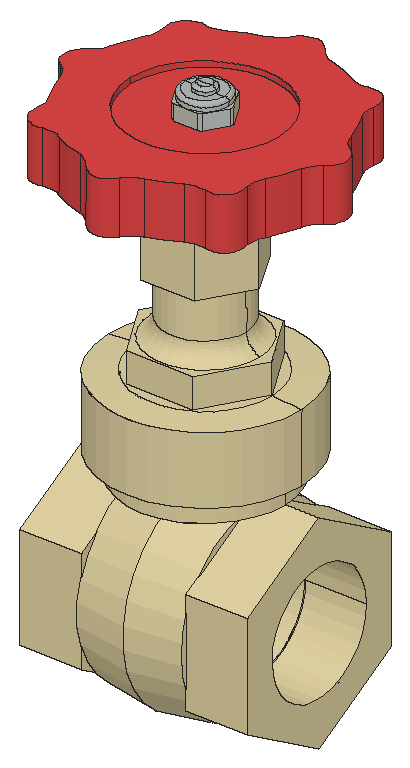
Revit family "AA00100000", category Apparecchi idraulici, Revit 2020
Family settings
  Quota connettore circolare = Usa diametro
  Tipo di parte = Normale
  Numero OmniClass = 23.45.00.00
  Titolo OmniClass = Sanitary, Laundry, and Cleaning Equipment
  Basato su piano di lavoro = No
  Sempre verticale = Sì
  Taglio con vuoti quando caricato = No
  Condiviso = No
  Punto di calcolo locali = No
Parameters
  URL = "https://web.cimberio.it/index.php/figura/623?subcategoria_id=10053"
  Temperatura di esercizio = "-10 ÷ 186°C"
  Prospetto di default = 0 mm
  Produttore = "CIMBERIO SPA"
  Pressione nominale = "PN 25"
  Modello = "Cim 70BS"
  Materiale = "Prodotto in lega di ottone conforme alla norma EN 12165-CW617N-DW"
  Descrizione = "Utilizzato nei più svariati settori dell'impiantistica: impianti di riscaldamento, condizionamento, idrici, igienico-sanitari, reti di distribuzione oli, benzine, vapore saturo e in generale con ogni fluido non corrosivo"
  DN Model [instance] = AA00101032 : AA00101032
  DN [instance] = 32 mm
  Commenti sul tipo = "Realizzato in ottemperanza ai requisiti gestionali della norma EN ISO 9001.\r\nCollaudato al 100% secondo la normativa EN 12266-1"
Reference planes
  plane 1 "Centro (Fronte/Retro)": y = 0
  plane 2: z = 0
  plane 3 "Centro (Sinistra/Destra)": x = 0
Dimensions and locks
  aligned and locked: level to plane 2
Nested families
  nested 1: "AA00101032" at (0, 0, 0), type <- "DN Model", type "AA00101032"
  nested 2: "AA00101032" at (0, 0, 0), type <- "DN Model", type "AA00101032"
  nested 3: "AA00101032" at (0, 0, 0), type <- "DN Model", type "AA00101032"
  nested 4: "AA00101032" at (0, 0, 0), type <- "DN Model", type "AA00101032"
  nested 5: "AA00101032" at (0, 0, 0), type <- "DN Model", type "AA00101032"
  nested 6: "AA00101032" at (0, 0, 0), type <- "DN Model", type "AA00101032"
  nested 7: "AA00101032" at (0, 0, 0), type <- "DN Model", type "AA00101032"
  nested 8: "AA00101032" at (0, 0, 0), type <- "DN Model", type "AA00101032"
  nested 9: "AA00101032" at (0, 0, 0), type <- "DN Model", type "AA00101032"
Connectors
  piping at (30.512, 0, 0), diameter 32, driven by "DN"
    settings: on nested 1, index 1, connector inside diameter 609.6 mm, connector length 0 mm, flow factor 0, pipe flow 0.0 L/s, pressure drop 0.0 Pa, fitting loss kfactor 0, connector angle 0.00°, fixture units 0, engagement length 0 mm, angle of deflection 0.00°, flow configuration 0, flow direction 0, fitting loss method 0, system type 7, joint type 0, gender type 0, connector reference index -1, connector utility 0, adjustable connector no, is connector primary yes, connector description ""
  piping at (-30.512, 0, 0), diameter 32, driven by "DN"
    settings: on nested 1, index 2, connector inside diameter 609.6 mm, connector length 0 mm, flow factor 0, pipe flow 0.0 L/s, pressure drop 0.0 Pa, fitting loss kfactor 0, connector angle 0.00°, fixture units 0, engagement length 0 mm, angle of deflection 0.00°, flow configuration 0, flow direction 0, fitting loss method 0, system type 7, joint type 0, gender type 0, connector reference index -1, connector utility 0, adjustable connector no, is connector primary no, connector description ""
Definition of nested family "AA00101032"
  Parameters (values of type "AA00101032")
    Default Elevation = 0 mm
  Reference planes
    plane 1 "Centro (Fronte/Retro)": y = 0
    plane 2: z = 0
    plane 3 "Centro (Sinistra/Destra)": x = 0
  Forms (mm)
    Revolve 1, solid
      sketch origin (0, 0, 0) x (1, 0, 0) y (0, 0, 1)
        loop
          line (14, -16) -> (-14, -16) -> (-14, -25.542) -> (0, -27.51) -> (14, -25.542) -> (14, -16)
        axis (-14, 0) -> (14, 0)
      angle from 0 to 360
    Extrusion 2, solid
      sketch origin (0, 0, 0) x (0, 1, 0) y (0, 0, 1)
        loop
          circle (0, 0) r 16
        loop
          line (0, 27.7) -> (-23.989, 13.85) -> (-23.989, -13.85) -> (0, -27.7) -> (23.989, -13.85) -> (23.989, 13.85) -> (0, 27.7)
      from -30.512 to -14
    Revolve 3, solid
      sketch origin (0, 0, 33) x (1, 0, 0) y (0, 0, 1)
        loop
          line (-14, -20.283) -> (0, -20.283) -> (0, 19.686) -> (-18.206, 19.686) -> (-26, 19.004) -> (-26, 0.866) -> (-21.5, -0.34) -> (-21.5, -5.3) -> (-14, -5.3) -> (-14, -20.283)
        axis (0, 19.686) -> (0, -20.283)
      angle from 0 to 360
    Extrusion 4, solid
      sketch origin (0, 0, 23.5) x (0, -1, 0) y (1, 0, 0)
        loop
          line (0, 17.75) -> (-15.372, 8.875) -> (-15.372, -8.875) -> (0, -17.75) -> (15.372, -8.875) -> (15.372, 8.875) -> (0, 17.75)
      from 29.186 to 37.225
    Revolve 5, solid
      sketch origin (0, 0, 34) x (1, 0, 0) y (0, 0, 1)
        loop
          line (0, 42.988) -> (-10.95, 42.988) -> (-11, 31.555)
          arc (-11, 31.555) -> (-12.039, 28.516) -> (-14.706, 26.725) r 5.029
          line (-14.706, 26.725) -> (0, 26.725) -> (0, 42.988)
        axis (0, 42.988) -> (0, 26.725)
      angle from 0 to 360
    Extrusion 6, solid
      sketch origin (0, 0, 23.5) x (0, -1, 0) y (1, 0, 0)
        loop
          line (0, 14.4) -> (-12.471, 7.2) -> (-12.471, -7.2) -> (0, -14.4) -> (12.471, -7.2) -> (12.471, 7.2) -> (0, 14.4)
      from 53.488 to 69
    Revolve 7, solid
      sketch origin (0, 0, 36.008) x (1, 0, 0) y (0, 0, 1)
        loop
          line (-10, 66.336) -> (-10, 64.992)
          arc (-10, 64.992) -> (-9.854, 64.639) -> (-9.5, 64.492) r 0.5
          line (-9.5, 64.492) -> (-5, 64.492) -> (-5, 53.951) -> (0, 53.951) -> (0, 66.336) -> (-10, 66.336)
        axis (0, 66.336) -> (0, 53.951)
      angle from 0 to 360
    Extrusion 8, solid
      sketch origin (0, 0, 23.5) x (0.982415, 0.18671, 0) y (-0.18671, 0.982415, 0)
        loop
          spline (-16.266, 31.079) -> (-17.215, 31.383) -> (-18.159, 31.542) -> (-19.079, 31.554) -> (-19.955, 31.418) -> (-20.77, 31.138) -> (-21.509, 30.718) -> (-22.156, 30.168) -> (-22.699, 29.497) -> (-23.126, 28.72) -> (-23.429, 27.852) -> (-23.602, 26.911) -> (-23.642, 25.914)
          arc (-23.642, 25.914) -> (-24.024, 23.423) -> (-25.269, 21.232) r 6.956
          arc (-25.269, 21.232) -> (-27.836, 17.734) -> (-29.922, 13.929) r 33.005
          arc (-29.922, 13.929) -> (-31.382, 11.874) -> (-33.478, 10.475) r 6.957
          spline (-33.478, 10.475) -> (-34.364, 10.018) -> (-35.144, 9.463) -> (-35.803, 8.821) -> (-36.326, 8.106) -> (-36.705, 7.331) -> (-36.93, 6.512) -> (-36.998, 5.665) -> (-36.908, 4.807) -> (-36.661, 3.956) -> (-36.261, 3.128) -> (-35.718, 2.34) -> (-35.041, 1.607)
          arc (-35.041, 1.607) -> (-33.55, -0.425) -> (-32.881, -2.855) r 6.956
          arc (-32.881, -2.855) -> (-32.223, -7.143) -> (-31.007, -11.308) r 33.005
          arc (-31.007, -11.308) -> (-30.587, -13.794) -> (-31.079, -16.266) r 6.959
          spline (-31.079, -16.266) -> (-31.383, -17.215) -> (-31.542, -18.159) -> (-31.554, -19.079) -> (-31.418, -19.955) -> (-31.138, -20.77) -> (-30.718, -21.509) -> (-30.168, -22.156) -> (-29.497, -22.699) -> (-28.72, -23.126) -> (-27.852, -23.429) -> (-26.911, -23.602) -> (-25.914, -23.642)
          arc (-25.914, -23.642) -> (-23.423, -24.024) -> (-21.232, -25.269) r 6.955
          arc (-21.232, -25.269) -> (-17.734, -27.836) -> (-13.929, -29.922) r 33.005
          arc (-13.929, -29.922) -> (-11.881, -31.375) -> (-10.483, -33.46) r 6.958
          spline (-10.483, -33.46) -> (-10.027, -34.349) -> (-9.472, -35.133) -> (-8.831, -35.794) -> (-8.116, -36.321) -> (-7.34, -36.701) -> (-6.52, -36.929) -> (-5.672, -36.999) -> (-4.813, -36.909) -> (-3.96, -36.662) -> (-3.131, -36.263) -> (-2.341, -35.719) -> (-1.607, -35.041)
          arc (-1.607, -35.041) -> (0.425, -33.55) -> (2.855, -32.881) r 6.956
          arc (2.855, -32.881) -> (7.144, -32.222) -> (11.309, -31.007) r 33.005
          arc (11.309, -31.007) -> (13.784, -30.586) -> (16.247, -31.072) r 6.957
          spline (16.247, -31.072) -> (17.2, -31.379) -> (18.147, -31.541) -> (19.07, -31.555) -> (19.949, -31.42) -> (20.768, -31.139) -> (21.509, -30.718) -> (22.158, -30.165) -> (22.702, -29.492) -> (23.129, -28.712) -> (23.432, -27.84) -> (23.604, -26.894) -> (23.641, -25.894)
          arc (23.641, -25.894) -> (24.027, -23.414) -> (25.269, -21.232) r 6.956
          arc (25.269, -21.232) -> (27.836, -17.734) -> (29.921, -13.929) r 33.005
          arc (29.921, -13.929) -> (31.375, -11.881) -> (33.46, -10.483) r 6.959
          spline (33.46, -10.483) -> (34.351, -10.026) -> (35.135, -9.47) -> (35.797, -8.828) -> (36.324, -8.11) -> (36.704, -7.333) -> (36.93, -6.511) -> (36.998, -5.662) -> (36.907, -4.801) -> (36.657, -3.947) -> (36.255, -3.117) -> (35.707, -2.327) -> (35.026, -1.593)
          arc (35.026, -1.593) -> (33.546, 0.434) -> (32.881, 2.854) r 6.955
          arc (32.881, 2.854) -> (32.223, 7.143) -> (31.007, 11.308) r 33.005
          arc (31.007, 11.308) -> (30.586, 13.784) -> (31.072, 16.247) r 6.958
          spline (31.072, 16.247) -> (31.377, 17.192) -> (31.539, 18.131) -> (31.556, 19.047) -> (31.427, 19.92) -> (31.154, 20.734) -> (30.743, 21.473) -> (30.202, 22.122) -> (29.542, 22.668) -> (28.776, 23.1) -> (27.919, 23.411) -> (26.987, 23.593) -> (26, 23.643)
          arc (26, 23.643) -> (23.464, 24.01) -> (21.232, 25.269) r 6.961
          arc (21.232, 25.269) -> (17.733, 27.836) -> (13.929, 29.922) r 33.005
          arc (13.929, 29.922) -> (11.874, 31.382) -> (10.475, 33.478) r 6.957
          spline (10.475, 33.478) -> (10.017, 34.365) -> (9.461, 35.147) -> (8.818, 35.806) -> (8.101, 36.329) -> (7.324, 36.707) -> (6.503, 36.932) -> (5.655, 36.998) -> (4.796, 36.906) -> (3.943, 36.656) -> (3.114, 36.253) -> (2.325, 35.706) -> (1.593, 35.026)
          arc (1.593, 35.026) -> (-0.434, 33.546) -> (-2.854, 32.881) r 6.956
          arc (-2.854, 32.881) -> (-7.143, 32.223) -> (-11.308, 31.007) r 33.005
          arc (-11.308, 31.007) -> (-13.794, 30.587) -> (-16.266, 31.079) r 6.959
      from 78 to 91.983
    Extrusion 9, void
      sketch origin (0, -1.881, 23.5) x (1, 0, 0) y (0, 1, 0)
        loop
          circle (-0.133, 1.881) r 20
      from 90.5 to 92.729
    Extrusion 10, solid
      sketch origin (-0.001, -0.001, 38.5) x (0.774567, -0.632491, 0) y (0.632491, 0.774567, 0)
        loop
          arc (-6.599, 3.005) -> (-6.779, 2.572) -> (-6.931, 2.128) r 7.25
          line (-6.931, 2.128) -> (-5.901, -4.211)
          arc (-5.901, -4.211) -> (-5.616, -4.584) -> (-5.307, -4.937) r 7.25
          line (-5.307, -4.937) -> (0.698, -7.215)
          arc (0.698, -7.215) -> (1.163, -7.154) -> (1.624, -7.064) r 7.25
          line (1.624, -7.064) -> (6.598, -3.002)
          arc (6.598, -3.002) -> (6.779, -2.569) -> (6.931, -2.125) r 7.25
          line (6.931, -2.125) -> (5.9, 4.214)
          arc (5.9, 4.214) -> (5.615, 4.587) -> (5.307, 4.941) r 7.25
          line (5.307, 4.941) -> (-0.698, 7.218)
          arc (-0.698, 7.218) -> (-1.164, 7.158) -> (-1.624, 7.068) r 7.25
          line (-1.624, 7.068) -> (-6.599, 3.005)
      from 75 to 79.5
    Revolve 11, solid
      sketch origin (0, 0, 38.5) x (1, 0, 0) y (0, 0, 1)
        loop
          line (0, 81.5) -> (0, 79.5) -> (6.25, 79.5) -> (6.25, 80.5)
          arc (6.25, 80.5) -> (5.957, 81.207) -> (5.25, 81.5) r 1
          line (5.25, 81.5) -> (0, 81.5)
        axis (0, 81.5) -> (0, 79.5)
      angle from 0 to 360
    Revolve 12, solid
      sketch origin (0, 0, 26.508) x (1, 0, 0) y (0, 0, 1)
        loop
          line (0, 95) -> (0, 93) -> (1.851, 93) -> (2.902, 93.446) -> (2.902, 94.245) -> (1.9, 95) -> (0, 95)
        axis (0, 95) -> (0, 93)
      angle from 0 to 360
    Extrusion 13, solid
      sketch origin (0, 0, 0) x (0, 1, 0) y (0, 0, -1)
        loop
          circle (0, 0) r 16
        loop
          line (0, -27.7) -> (23.989, -13.85) -> (23.989, 13.85) -> (0, 27.7) -> (-23.989, 13.85) -> (-23.989, -13.85) -> (0, -27.7)
      from -30.512 to -14
  Cuts and joins
    Extrusion 9 cuts Extrusion 8
  Dimensions and locks
    aligned and locked: level to plane 2
